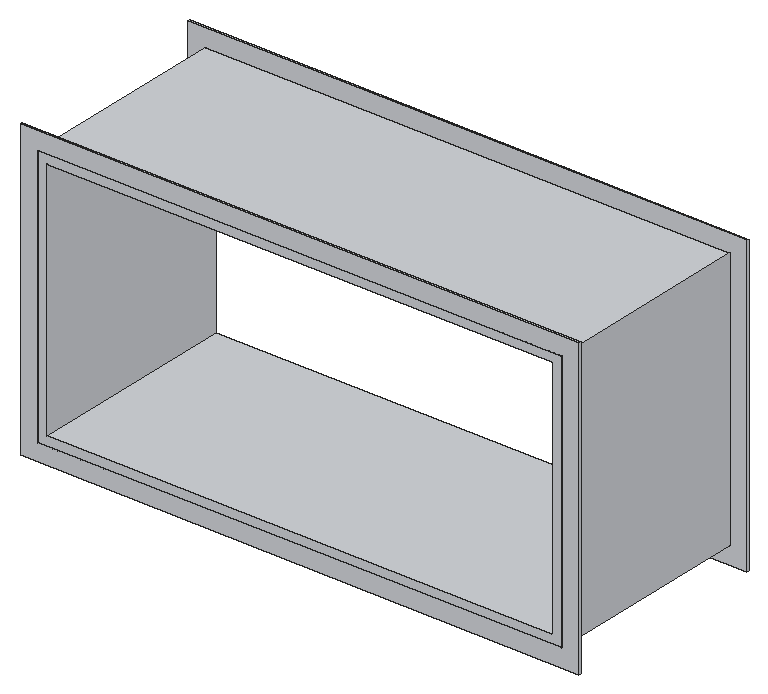
Revit family "Фильтр кассетный DFK", category Оборудование, Revit 2022
Family settings
  Размер круглого соединителя = Использовать диаметр
  Тип детали = Нормальный
  На основе рабочей плоскости = Нет
  Всегда вертикально = Нет
  При загрузке вырезать с полостями = Нет
  Сохранять ориентацию аннотаций = Нет
  Общий = Нет
  Точка принадлежности помещению = Нет
Parameters (values of type "DFK 60-30")
  Отметка по умолчанию = 0 mm
  Изготовитель = "WAER"  # constant formula
  Keynote = ""
  URL = "https://waer-air.com/"
  ADSK_Фильтрующая вставка = "G3"  # constant formula
  ADSK_Система_Имя [instance] = ""
  ADSK_Расход воздуха = 0.0 m³/s
  ADSK_Размер_Ширина = 600 mm
  ADSK_Размер_Длина = 242 mm
  ADSK_Размер_Высота = 300 mm
  ADSK_Потеря давления воздуха = 0.0 Pa
  ADSK_Наименование краткое = "DFK 60-30"
  ADSK_Наименование = "Фильтр кассетный DFK 60-30"
  ADSK_Масса_Текст = "6.6"
  ADSK_Масса = 6.6
  ADSK_Марка = ""
  ADSK_Количество = 1  # constant formula
  ADSK_Код изделия = ""
  ADSK_Завод-изготовитель = "WAER"  # constant formula
  ADSK_Единица измерения = "шт."  # constant formula
Types (9, lengths in mm): name | ADSK_Размер_Ширина | ADSK_Размер_Длина | ADSK_Размер_Высота | ADSK_Наименование краткое | ADSK_Наименование | ADSK_Масса_Текст | ADSK_Масса
  DFK 40-20 | 400 | 242 | 200 | "DFK 40-20" | "Фильтр кассетный DFK 40-20" | "4.8" | 4.8
  DFK 50-25 | 500 | 242 | 250 | "DFK 50-25" | "Фильтр кассетный DFK 50-25" | "6" | 6
  DFK 50-30 | 500 | 242 | 300 | "DFK 50-30" | "Фильтр кассетный DFK 50-30" | "6.2" | 6.2
  DFK 60-30 | 600 | 242 | 300 | "DFK 60-30" | "Фильтр кассетный DFK 60-30" | "6.6" | 6.6
  DFK 60-35 | 600 | 242 | 350 | "DFK 60-35" | "Фильтр кассетный DFK 60-35" | "7.4" | 7.4
  DFK 70-40 | 700 | 242 | 400 | "DFK 70-40" | "Фильтр кассетный DFK 70-40" | "8.4" | 8.4
  DFK 80-50 | 800 | 242 | 500 | "DFK 80-50" | "Фильтр кассетный DFK 80-50" | "10.8" | 10.8
  DFK 90-50 | 900 | 260 | 500 | "DFK 90-50" | "Фильтр кассетный DFK 90-50" | "12.6" | 12.6
  DFK 100-50 | 1000 | 260 | 500 | "DFK 100-50" | "Фильтр кассетный DFK 100-50" | "13.2" | 13.2
Reference planes
  plane 1 "По центру (Вперед/Назад)": y = 0
  plane 2: z = 0
  plane 3 "По центру (Влево/Вправо)": x = 0
  plane 4: x = -300
  plane 5: x = 300
  plane 6: z = -150
  plane 7: z = 150
  plane 8: y = -121
  plane 9: y = 121
Forms (mm)
  Extrusion 1, solid
    sketch origin (0, 0, 0) x (1, 0, 0) y (0, 0, 1)
      loop
        line (-300, 150) -> (-300, -150) -> (300, -150) -> (300, 150) -> (-300, 150)
      loop
        line (-290, 140) -> (-290, -140) -> (290, -140) -> (290, 140) -> (-290, 140)
    from -121 to 121
  Sweep 2, solid
    path in 3D
      loop
        line (-300, -121, 150) -> (-300, -121, -150) -> (300, -121, -150) -> (300, -121, 150) -> (-300, -121, 150)
    profile origin (0, -121, 150) x (0, -1, 0) y (0, 0, 1)
      loop
        line (0, 0) -> (0, 20) -> (-2, 20) -> (-2, 0) -> (0, 0)
  Sweep 3, solid
    path in 3D
      loop
        line (300, 121, 150) -> (300, 121, -150) -> (-300, 121, -150) -> (-300, 121, 150) -> (300, 121, 150)
    profile origin (0, 121, 150) x (0, 1, 0) y (0, 0, 1)
      loop
        line (0, 0) -> (0, 20) -> (-2, 20) -> (-2, 0) -> (0, 0)
Lines and regions (mm)
  sketch lines
    curve 1: line (300, -121, 150) -> (-300, -121, 150)
    curve 2: line (-300, -121, 150) -> (-300, -121, -150)
    curve 3: line (-300, -121, -150) -> (300, -121, -150)
    curve 4: line (300, -121, -150) -> (300, -121, 150)
    curve 5: line (-300, 121, 150) -> (300, 121, 150)
    curve 6: line (300, 121, 150) -> (300, 121, -150)
    curve 7: line (300, 121, -150) -> (-300, 121, -150)
    curve 8: line (-300, 121, -150) -> (-300, 121, 150)
Dimensions and locks
  equal spacing: plane 5, plane 3 "По центру (Влево/Вправо)", plane 4
  "ADSK_Размер_Ширина": plane 5 to plane 4
  equal spacing: plane 7, plane 2, plane 6
  "ADSK_Размер_Высота": plane 7 to plane 6
  equal spacing: plane 9, plane 1 "По центру (Вперед/Назад)", plane 8
  "ADSK_Размер_Длина": plane 9 to plane 8
  locked: Extrusion 1 sketch curve to Extrusion 1 sketch curve at 10  (x4)
  plane 8 to plane 9 = 242 mm
  aligned and locked: level to plane 2
  aligned and locked: Extrusion 1 sketch curve to plane 7
  aligned and locked: plane 4 to Extrusion 1 sketch curve
  aligned and locked: plane 6 to Extrusion 1 sketch curve
  aligned and locked: Extrusion 1 sketch curve to plane 5
  aligned and locked: plane 9 to Extrusion 1
  aligned and locked: Extrusion 1 to plane 8
Automatic sketch dimensions
  Sweep 2 sketch curve to profile plane = 0 mm  (x2)
  profile plane to Sweep 2 sketch curve = 2 mm
  profile plane to Sweep 2 sketch curve = 20 mm
  Sweep 3 sketch curve to profile plane = 0 mm  (x2)
  profile plane to Sweep 3 sketch curve = 2 mm
  profile plane to Sweep 3 sketch curve = 20 mm
Connectors
  hvac at (0, -121, 0), driven by "ADSK_Размер_Высота", driven by "ADSK_Размер_Ширина"
    settings: on Extrusion 1, index 1, duct flow 0.0 m³/s, flow factor 0, pres drop 0.0 Pa, loss coef 0, conn angle 0.00°, conn width 600 mm, conn height 300 mm, conn diameter 609.6 mm, duct sys type 29, conn prof type 1, flow config 2, flow direction 0, loss method 0, conn ref index 2, conn util no, is conn primary yes, conn desc ""
  hvac at (0, 121, 0), driven by "ADSK_Размер_Высота", driven by "ADSK_Размер_Ширина"
    settings: on Extrusion 1, index 2, duct flow 0.0 m³/s, flow factor 0, pres drop 0.0 Pa, loss coef 0, conn angle 0.00°, conn width 600 mm, conn height 300 mm, conn diameter 609.6 mm, duct sys type 29, conn prof type 1, flow config 2, flow direction 0, loss method 0, conn ref index 1, conn util no, is conn primary no, conn desc ""
